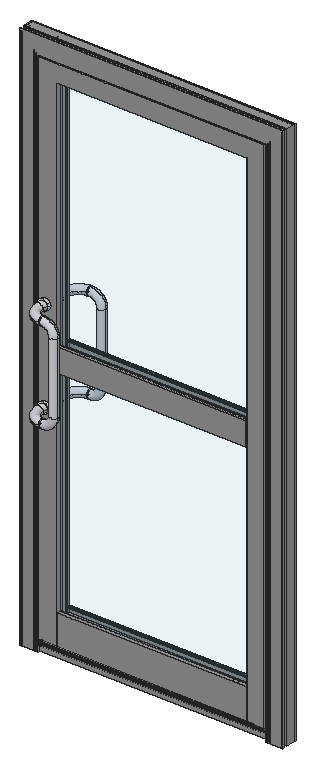
Revit family "Дверь наружного открывания одностворчатая с цоколем", category Двери, Revit 2019
Family settings
  Основа = Стена
  Номер OmniClass = 23.30.20.17.11
  Заголовок OmniClass = Fixed Windows
  Всегда вертикально = Да
  При загрузке вырезать с полостями = Нет
  Общий = Нет
  Точка расчета площади = Нет
Parameters (values of type "V60 Дверь одностворчатая с цоколем")
  Width [instance] = 0.00 mm  # constant formula
  Направление открывания [instance] = Створка дверная наруж с цоколем : Поворотная право
  Монтажный зазор.Верх [instance] = 25.00 mm
  VIDNAL_Ширина проема [instance] = ADSK_Ширина рамы + Монтажный зазор.Правый + Монтажный зазор.Левый  # 1050.00 mm
  VIDNAL_Цвет конструкции = ""
  VIDNAL_Фурнитура [instance] = "САТУРН"
  VIDNAL_Формула стеклопакета [instance] = ""
  VIDNAL_Толщина стеклопакета [instance] = "32"
  VIDNAL_Сопротивление ветровой нагрузке = "1000 Па"
  VIDNAL_Система профилей [instance] = "V60"  # constant formula
  VIDNAL_Площадь изделия [instance] = ADSK_Ширина рамы * ADSK_Высота рамы  # 2.10 m²
  VIDNAL_Звукоизоляция [instance] = "34 дБА"
  VIDNAL_Глубина вставки [instance] = 150.00 mm
  VIDNAL_Высота ручки = 1000.00 mm
  VIDNAL_Высота проема [instance] = ADSK_Высота рамы + Монтажный зазор.Верх  # 2125.00 mm
  Глубина профиля [instance] = 60.00 mm  # constant formula
  Rough Width = 0.00 mm  # constant formula
  Rough Height = 0.00 mm  # constant formula
  Описание = "Окно"
  Обозначение = "ГОСТ 23747-2015"
  Наименование = ""
  Монтажный зазор.Правый [instance] = 25.00 mm
  Монтажный зазор.Левый [instance] = 25.00 mm
  Марка проема [instance] = ""
  Model = ""
  Стекло = АС_Стекло
  Рама = Алюминий
  Type Comments = ""
  Assembly Code = ""
  Wall Closure = (empty or 0)
  Height [instance] = 0.00 mm  # constant formula
  Аналитическая конструкция = "<Нет>"
  VIDNAL_Возухопроницаемость [instance] = "3,09 м²·ч"
  VIDNAL_Водонепроницаемость [instance] = "600"
  VIDNAL_Rприв. профиля со стеклопакетом [instance] = "0.52 (м²·С)/Вт"
  ADSK_Ширина рамы [instance] = 1000.00 mm
  ADSK_Позиция [instance] = ""
  ADSK_Завод-изготовитель [instance] = "VIDNAL"  # constant formula
  ADSK_Высота рамы [instance] = 2100.00 mm
Reference planes
  plane 1 "Глубина профиля": y = -100
  plane 2: z = 0
  plane 3 "Слева": x = -922.6
  plane 4 "Справа": x = 127.4
  plane 5 "низ створки": z = 40
  plane 6 "ВЕРХ": z = 2125
  plane 7 "Внутренняя": y = -190
  plane 8 "Вставка двери": y = -40
  plane 9 "рама лев": x = -897.6
  plane 10 "рама прав": x = 102.4
  plane 11 "рама верх": z = 2100
  plane 12: y = 190
  plane 13 "верх створки": z = 2050
  plane 14 "низ порога": z = 4.5
  plane 15 "р": x = -847.6
  plane 16 "с": x = 52.4
Forms (mm)
  Extrusion 1, void, detail levels medium+fine
    sketch origin (0, 38, 0) x (0, 0, 1) y (-1, 0, 0)
      loop
        line (2125, -127.4) -> (2125, 922.6) -> (0, 922.6) -> (0, -127.4) -> (2125, -127.4)
    from -152 to 228
  Sweep 2, solid, material "Алюминий" <- "Рама"
    path origin (0, -40, 0) x (0, 0, -1) y (-1, 0, 0)
      loop
        line (0, 897.6) -> (-2100, 897.6) -> (-2100, -102.4) -> (0, -102.4)
    profile "Профиль дверной рамы наруж : Профиль дверной рамы наруж" origin (-897.6, -40, 1050) x (1, 0, 0) y (0, 1, 0)
      loop
        line (50.076, -29.7) -> (1.5, -29.7) -> (1.5, -38.4) -> (6.5, -38.4) -> (6.5, -50.15) -> (8.15, -50.15) -> (8.15, -51.75) -> (6.5, -51.75) -> (6.5, -58.5) -> (50.5, -58.5) -> (50.5, -51.75) -> (48.55, -51.75) -> (48.55, -50.15) -> (50.076, -50.15) -> (50.076, -29.7)
      loop
        line (50.076, -10) -> (2, -10) -> (2, -28) -> (50.076, -28) -> (50.076, -10)
      loop
        line (43.25, -1.5) -> (6.75, -1.5) -> (6.75, -8.3) -> (43.25, -8.3) -> (43.25, -1.5)
      loop
        line (52, -10) -> (54, -10) -> (55, -8.3) -> (45, -8.3) -> (45, 0) -> (0, 0) -> (0, -2.5) -> (1.5, -2.5) -> (1.5, -1.5) -> (5, -1.5) -> (5, -8.5) -> (1.5, -8.5) -> (1.5, -7.5) -> (0, -7.5) -> (0, -41.495) -> (2, -41.495) -> (2, -40) -> (5, -40) -> (5, -58.25) -> (2, -58.25) -> (2, -56.495) -> (0, -56.495) -> (0, -60) -> (67, -60) -> (67, -55.8) -> (65, -55.8) -> (65, -56.8) -> (66, -56.8) -> (66, -58.8) -> (61, -58.8) -> (61, -56.8) -> (62, -56.8) -> (62, -55.8) -> (60, -55.8) -> (60, -58.5) -> (52, -58.5) -> (52, -10)
  Sweep 3, solid, material "Алюминий"
    path origin (0, -40, 0) x (0, 0, -1) y (-1, 0, 0)
      loop
        line (-4.5, 845.6) -> (-4.5, -50.4)
    profile "Профиль порога : Профиль порога" origin (-397.6, -40, 4.5) x (0, 0, -1) y (0, 1, 0)
      loop
        line (-19.126, -22.61) -> (-16.126, -24.79) -> (-16.126, -26.25) -> (-14.177, -26.25) -> (-13.323, -26.73) -> (-12.385, -28.27) -> (-11.531, -28.75) -> (-9.469, -28.75) -> (-8.615, -28.27) -> (-7.677, -26.73) -> (-6.823, -26.25) -> (-4.874, -26.25) -> (-4.874, -24.79) -> (-1.874, -22.61) -> (-1.874, -16.89) -> (-4.874, -14.71) -> (-4.874, -13.25) -> (-6.823, -13.25) -> (-7.677, -12.77) -> (-8.615, -11.23) -> (-9.469, -10.75) -> (-11.531, -10.75) -> (-12.385, -11.23) -> (-13.323, -12.77) -> (-14.177, -13.25) -> (-16.126, -13.25) -> (-16.126, -14.71) -> (-19.126, -16.89) -> (-19.126, -22.61)
      loop
        line (-19.25, -42.057) -> (-19.25, -52.75) -> (-1.75, -52.75) -> (-1.75, -42.057)
        arc (-1.75, -42.057) -> (-4.892, -42.649) -> (-7.464, -40.75) r 4
        line (-7.464, -40.75) -> (-5.862, -39.825)
        arc (-5.862, -39.825) -> (-1.85, -38.75) -> (-5.862, -37.675) r 2.15
        line (-5.862, -37.675) -> (-7.464, -36.75) -> (-7.464, -35.25) -> (-5.862, -34.325)
        arc (-5.862, -34.325) -> (-1.85, -33.25) -> (-5.862, -32.175) r 2.15
        line (-5.862, -32.175) -> (-7.537, -30.5) -> (-13.463, -30.5) -> (-15.138, -32.175)
        arc (-15.138, -32.175) -> (-19.15, -33.25) -> (-15.138, -34.325) r 2.15
        line (-15.138, -34.325) -> (-13.536, -35.25) -> (-13.536, -36.75) -> (-15.138, -37.675)
        arc (-15.138, -37.675) -> (-19.15, -38.75) -> (-15.138, -39.825) r 2.15
        line (-15.138, -39.825) -> (-13.536, -40.75)
        arc (-13.536, -40.75) -> (-16.108, -42.649) -> (-19.25, -42.057) r 4
      loop
        line (-21, -54.5) -> (0, -54.5) -> (0, -9) -> (-21, -9) -> (-21, -54.5)
  Sweep 4, solid, material "Алюминий"
    path origin (0, -40, 0) x (0, 0, -1) y (-1, 0, 0)
      loop
        line (-40, 825.6) -> (-40, -30.4)
    profile "Профили притвора V60 287 : Профили притвора V60 287" origin (-397.6, -40, 40) x (0, 0, -1) y (0, 1, 0)
      loop
        line (1.75, -30.55) -> (0, -30.55) -> (0, -60) -> (2, -60) -> (2, -56) -> (8.5, -56) -> (8.5, -54.6) -> (1.75, -54.6) -> (1.75, -51.3) -> (8.5, -51.3) -> (8.5, -49.9) -> (1.75, -49.9) -> (1.75, -30.55)
  Sweep 5, solid, material "Алюминий"
    path origin (0, -40, 0) x (0, 0, -1) y (-1, 0, 0)
      loop
        line (-40, 847.6) -> (-40, -52.4)
    profile "Профили притвора V60 187 : Профили притвора V60 187" origin (-397.6, -40, 40) x (0, 0, -1) y (0, 1, 0)
      loop
        line (0, 0) -> (0, -11.2) -> (1.75, -11.2) -> (3.078, -1.75) -> (12.5, -1.75) -> (12.5, -5) -> (14.7, -5) -> (14.7, -4) -> (13.7, -4) -> (13.7, -1.75) -> (18.7, -1.75) -> (18.7, -4) -> (17.7, -4) -> (17.7, -5) -> (20, -5) -> (20, 0) -> (0, 0)
Lines and regions (mm)
  symbolic lines, detail levels fine
    curve 1: line (-163.1, -40, 40) -> (-163.1, -100, 40)
    curve 3: line (-163.1, -100, 80) -> (-163.1, -40, 80)
    curve 5: line (-163.1, -40, 2125) -> (-163.1, -100, 2125)
    curve 7: line (-163.1, -100, 2100) -> (-163.1, -40, 2100)
  symbolic lines
    curve 2: line (-163.1, -40, 80) -> (-163.1, -40, 40)
    curve 4: line (-163.1, -100, 40) -> (-163.1, -100, 80)
    curve 6: line (-163.1, -40, 2100) -> (-163.1, -40, 2125)
    curve 8: line (-163.1, -100, 2125) -> (-163.1, -100, 2100)
  symbolic lines, detail levels coarse
    curve 9: line (127.4, -40, 2125) -> (127.4, -40, 40)
    curve 10: line (127.4, -100, 2125) -> (127.4, -100, 40)
Text (mm)
  text "Наружный" at (-2011.448, 646.123, 0), in view "Линия этажа"
  text "Внутренний" at (-2011.448, -562.523, 0), in view "Линия этажа"
  text "Наружный" at (0, 1108.87, 3415.022), in view "Слева"
  text "Наружный" at (0, 464.664, 3176.206), in view "Справа"
Dimensions and locks
  plane 3 "Слева" to plane 4 "Справа" = 1050.00 mm
  "Монтажный зазор.Правый": plane 10 "рама прав" to plane 4 "Справа"
  plane 5 "низ створки" to plane 5 "низ створки" = 0.00 mm
  "ADSK_Ширина рамы": plane 9 "рама лев" to plane 10 "рама прав"
  "Монтажный зазор.Левый": plane 3 "Слева" to plane 9 "рама лев"
  "Монтажный зазор.Верх": plane 11 "рама верх" to plane 6 "ВЕРХ"
  "VIDNAL_Глубина вставки": plane 8 "Вставка двери" to plane 7 "Внутренняя"
  "Глубина профиля": plane 8 "Вставка двери" to plane 1 "Глубина профиля"
  plane 9 "рама лев" to plane 15 "р" = 50.00 mm
  plane 16 "с" to plane 10 "рама прав" = 50.00 mm
  plane 11 "рама верх" to plane 13 "верх створки" = 50.00 mm
  locked: plane 14 "низ порога" to plane 2 at 4.5
  locked: plane 8 "Вставка двери" to Sweep 3 at 9
  locked: plane 5 "низ створки" to plane 2 at 40
  "ADSK_Высота рамы": plane 11 "рама верх" to plane 2
  aligned and locked: plane 7 "Внутренняя" to host wall
  aligned and locked: plane 8 "Вставка двери" to curve 6
  aligned and locked: level to plane 2
  aligned and locked: host wall to Extrusion 1  (x2)
  aligned and locked: plane 4 "Справа" to Extrusion 1 sketch curve
  aligned and locked: nested 1 to plane 8 "Вставка двери"
  aligned and locked: plane 15 "р" to nested 1
  aligned and locked: plane 16 "с" to nested 1
  aligned and locked: nested 1 to plane 13 "верх створки"
  aligned and locked: nested 1 to plane 5 "низ створки"
Automatic sketch dimensions
  Extrusion 1 sketch curve to level = 0.00 mm
  plane 3 "Слева" to Extrusion 1 sketch curve = 0.00 mm
  Extrusion 1 sketch curve to plane 6 "ВЕРХ" = 0.00 mm
  curve 6 to plane 8 "Вставка двери" = 0.00 mm
  plane 5 "низ створки" to curve 9 = 0.00 mm
  curve 9 to plane 8 "Вставка двери" = 0.00 mm
  curve 10 to plane 1 "Глубина профиля" = 0.00 mm
  plane 5 "низ створки" to curve 10 = 0.00 mm
  plane 6 "ВЕРХ" to curve 10 = 0.00 mm
  plane 6 "ВЕРХ" to curve 9 = 0.00 mm
  curve 3 to plane 5 "низ створки" = 40.00 mm
  plane 5 "низ створки" to curve 1 = 0.00 mm
  curve 1 to plane 1 "Глубина профиля" = 0.00 mm
  curve 8 to plane 1 "Глубина профиля" = 0.00 mm
  curve 2 to plane 8 "Вставка двери" = 0.00 mm
  curve 8 to plane 11 "рама верх" = 0.00 mm
  plane 6 "ВЕРХ" to curve 5 = 0.00 mm
  Sweep 2 sketch curve to plane 9 "рама лев" = 0.00 mm
  plane 10 "рама прав" to Sweep 2 sketch curve = 0.00 mm
  Sweep 2 sketch curve to plane 11 "рама верх" = 0.00 mm
  Sweep 2 sketch curve to level = 0.00 mm  (x2)
  Sweep 3 sketch curve to plane 14 "низ порога" = 0.00 mm
  plane 16 "с" to Sweep 3 sketch curve = 2.00 mm
  plane 15 "р" to Sweep 3 sketch curve = 2.00 mm
  Sweep 4 sketch curve to plane 5 "низ створки" = 0.00 mm
  plane 16 "с" to Sweep 4 sketch curve = 22.00 mm
  plane 15 "р" to Sweep 4 sketch curve = 22.00 mm
  Sweep 5 sketch curve to plane 5 "низ створки" = 0.00 mm
  plane 16 "с" to Sweep 5 sketch curve = 0.00 mm
  plane 15 "р" to Sweep 5 sketch curve = 0.00 mm
Nested families
  nested 1: "Створка дверная наруж с цоколем" at (-847.6, -40, 40), type <- "Направление открывания", type "Поворотная право"
    with Створка.Ширина 900.00 mm, Створка.Высота 2010.00 mm, Высота импоста 980.00 mm, VIDNAL_Высота ручки 980.00 mm
Definition of nested family "Створка дверная наруж с цоколем"
  Parameters (values of type "Поворотная лево")
    отк лев = yes
    от пр = no
    Стекло = none
    Створка.Ширина [instance] = 800.00 mm
    Створка.Высота [instance] = 1800.00 mm
    Створка VIDNAL = none
    Ручка.Справа = yes
    Ручка.Слева = no
    Открытие = yes
    Габариты заполнения = 73.00 mm
    Высота импоста [instance] = 900.00 mm
    Analytic Construction = "<Нет>"
    VIDNAL_Высота ручки [instance] = 1000.00 mm
  Types (2, lengths in mm): name | отк лев | от пр | Створка.Ширина | Створка.Высота | Ручка.Справа | Ручка.Слева | Габариты заполнения | Высота импоста | VIDNAL_Высота ручки
    Поворотная право | no | yes | 600.00 | 900.00 | no | yes | 54.00 | 450.00 | 900.00
    Поворотная лево | yes | no | 800.00 | 1800.00 | yes | no | 73.00 | 900.00 | 1000.00
  Reference planes
    plane 1 "Center (Front/Back)": y = 0
    plane 2 "Bottom": z = 0
    plane 3 "Left": x = 0
    plane 4 "Right": x = 800
    plane 5 "Top": z = 1800
    plane 6: z = 900
    plane 7: x = 73
    plane 8: x = 727
    plane 9: y = -8
    plane 10: y = -40
    plane 11: z = 1727
    plane 12: z = 73
    plane 13 "ручка прав": x = 754
    plane 14 "ручка лев": x = 46
    plane 15: z = 1000
    plane 16: x = 89
    plane 17: x = 711
  Forms (mm)
    Extrusion 1, solid, material <- "Стекло"
      sketch origin (0, 0, -100) x (1, 0, 0) y (0, 0, 1)
        loop
          line (73, 173) -> (727, 173) -> (727, 1827) -> (73, 1827) -> (73, 173)
      from 40 to 8
    Sweep 2, solid
      path origin (0, 0, 0) x (1, 0, 0) y (0, 0, 1)
        loop
          line (0, 0) -> (0, 1800) -> (800, 1800) -> (800, 0)
      profile "Профиль дверной створки наруж : Профиль дверной створки наруж" origin (400, 0, 1800) x (0, 0, 1) y (0, -1, 0)
        loop
          line (-62, 43.002) -> (-62, 54.797) -> (-68.701, 54.797) -> (-68.701, 58.599) -> (-87.61, 58.599) -> (-87.61, 48.594) -> (-82, 48.594) -> (-71.911, 43.002) -> (-62, 43.002)
        loop
          line (-16.874, 29.7) -> (-16.874, 50.15) -> (-25.15, 50.15) -> (-25.15, 51.75) -> (-23.5, 51.75) -> (-23.5, 58.5) -> (-60.5, 58.5) -> (-60.5, 51.75) -> (-58.85, 51.75) -> (-58.85, 50.15) -> (-60.25, 50.15) -> (-60.25, 38.4) -> (-65.5, 38.4) -> (-65.5, 29.7) -> (-16.874, 29.7)
        loop
          line (-16.874, 10) -> (-16.874, 28) -> (-65.126, 28) -> (-65.126, 10) -> (-16.874, 10)
        loop
          line (-23.75, 1.5) -> (-23.75, 8.3) -> (-60.25, 8.3) -> (-60.25, 1.5) -> (-23.75, 1.5)
        loop
          line (-2, 4.2) -> (-2, 3.2) -> (-1, 3.2) -> (-1, 1.2) -> (-6, 1.2) -> (-6, 3.2) -> (-5, 3.2) -> (-5, 4.2) -> (-7, 4.2) -> (-7, 1.5) -> (-22, 1.5) -> (-22, 8.3) -> (-15, 8.3) -> (-15, 50) -> (-12, 50) -> (-12, 51.75) -> (-22, 51.75) -> (-22, 60) -> (-89, 60) -> (-89, 44.192) -> (-87, 44.192) -> (-87, 45.192) -> (-88, 45.192) -> (-88, 47.193) -> (-83, 47.193) -> (-83, 45.192) -> (-84, 45.192) -> (-84, 44.192) -> (-82, 44.192) -> (-82, 47.202) -> (-72.326, 41.591) -> (-67, 41.591) -> (-67, 8.3) -> (-62, 8.3) -> (-62, 1.5) -> (-82, 1.5) -> (-82, 3.2) -> (-80.5, 3.2) -> (-80.5, 4.2) -> (-84, 4.2) -> (-84, 3.2) -> (-83, 3.2) -> (-83, 1.2) -> (-88, 1.2) -> (-88, 3.2) -> (-87, 3.2) -> (-87, 4.2) -> (-89, 4.2) -> (-89, 0) -> (0, 0) -> (0, 4.2) -> (-2, 4.2)
    Sweep 3, solid
      path origin (0, 0, 0) x (1, 0, 0) y (0, 0, 1)
        loop
          line (90, 900) -> (710, 900)
      profile "Профиль дверного импоста : Профиль дверного импоста" origin (400, 0, 900) x (0, 0, 1) y (0, -1, 0)
        loop
          line (15.25, 8) -> (-15.25, 8) -> (-15.25, 1.5) -> (15.25, 1.5) -> (15.25, 8)
        loop
          line (20.076, 28) -> (-20.076, 28) -> (-20.076, 10) -> (20.076, 10) -> (20.076, 28)
        loop
          line (15.4, 38.4) -> (15.4, 58.1) -> (-15.4, 58.1) -> (-15.4, 38.4) -> (-20.5, 38.4) -> (-20.5, 29.7) -> (20.5, 29.7) -> (20.5, 38.4) -> (15.4, 38.4)
        loop
          line (-23.69, 58.599) -> (-42.599, 58.599) -> (-42.599, 48.594) -> (-36.996, 48.594) -> (-26.991, 42.791) -> (-16.989, 42.791) -> (-16.989, 54.797) -> (-23.69, 54.797) -> (-23.69, 58.599)
        loop
          line (42.599, 58.599) -> (23.69, 58.599) -> (23.69, 54.797) -> (16.989, 54.797) -> (16.989, 42.791) -> (26.991, 42.791) -> (36.996, 48.594) -> (42.599, 48.594) -> (42.599, 58.599)
        loop
          line (44, 0) -> (44, 4.2) -> (42, 4.2) -> (42, 3.2) -> (43, 3.2) -> (43, 1.2) -> (38, 1.2) -> (38, 3.2) -> (39, 3.2) -> (39, 4.2) -> (35.5, 4.2) -> (35.5, 3.2) -> (37, 3.2) -> (37, 1.5) -> (17, 1.5) -> (17, 8.3) -> (22, 8.3) -> (22, 41.591) -> (27.314, 41.591) -> (36.996, 47.206) -> (36.996, 44.192) -> (38.997, 44.192) -> (38.997, 45.192) -> (37.997, 45.192) -> (37.997, 47.193) -> (42.999, 47.193) -> (42.999, 45.192) -> (41.999, 45.192) -> (41.999, 44.192) -> (44, 44.192) -> (44, 60) -> (-44, 60) -> (-44, 44.192) -> (-41.999, 44.192) -> (-41.999, 45.192) -> (-42.999, 45.192) -> (-42.999, 47.193) -> (-37.997, 47.193) -> (-37.997, 45.192) -> (-38.997, 45.192) -> (-38.997, 44.192) -> (-36.996, 44.192) -> (-36.996, 47.206) -> (-27.314, 41.591) -> (-22, 41.591) -> (-22, 8.3) -> (-17, 8.3) -> (-17, 1.5) -> (-37, 1.5) -> (-37, 3.2) -> (-35.5, 3.2) -> (-35.5, 4.2) -> (-39, 4.2) -> (-39, 3.2) -> (-38, 3.2) -> (-38, 1.2) -> (-43, 1.2) -> (-43, 3.2) -> (-42, 3.2) -> (-42, 4.2) -> (-44, 4.2) -> (-44, 0) -> (44, 0)
    Sweep 4, solid
      path origin (0, 0, 0) x (1, 0, 0) y (0, 0, 1)
        loop
          line (89, 0) -> (711, 0)
      profile "Профиль цоколя + проставки : Профиль цоколя + проставки" origin (400, 0, 0) x (0, 0, 1) y (0, -1, 0)
        loop
          line (87.676, 10) -> (96.126, 16.14) -> (96.126, 21.86) -> (87.676, 28) -> (15.324, 28) -> (6.874, 21.86) -> (6.874, 16.14) -> (15.324, 10) -> (87.676, 10)
        loop
          line (91.25, 1.75) -> (91.25, 8.25) -> (50, 8.25) -> (50, 1.75) -> (91.25, 1.75)
        loop
          line (6.75, 1.75) -> (48, 1.75) -> (48, 8.25) -> (6.75, 8.25) -> (6.75, 1.75)
        loop
          line (96, 29.75) -> (96, 38.25) -> (91.25, 38.25) -> (91.25, 58.25) -> (6.75, 58.25) -> (6.75, 29.75) -> (96, 29.75)
        loop
          line (118.599, 58.599) -> (99.69, 58.599) -> (99.69, 54.797) -> (92.989, 54.797) -> (92.989, 42.791) -> (102.991, 42.791) -> (112.996, 48.594) -> (118.599, 48.594) -> (118.599, 58.599)
        loop
          line (119, 3.2) -> (119, 1.2) -> (114, 1.2) -> (114, 3.2) -> (115, 3.2) -> (115, 4.2) -> (111.5, 4.2) -> (111.5, 3.2) -> (113, 3.2) -> (113, 1.5) -> (93, 1.5) -> (93, 8.25) -> (98, 8.25) -> (98, 41.591) -> (103.314, 41.591) -> (112.996, 47.206) -> (112.996, 44.192) -> (114.997, 44.192) -> (114.997, 45.192) -> (113.997, 45.192) -> (113.997, 47.193) -> (118.999, 47.193) -> (118.999, 45.192) -> (117.999, 45.192) -> (117.999, 44.192) -> (120, 44.192) -> (120, 60) -> (0, 60) -> (0, 54.5) -> (2, 54.5) -> (2, 58.25) -> (5, 58.25) -> (5, 40) -> (2, 40) -> (2, 41.495) -> (0, 41.495) -> (0, 38.25) -> (5, 38.25) -> (5, 32) -> (0, 32) -> (0, 30.5) -> (5, 30.5) -> (5, 10) -> (1.5, 10) -> (1.5, 11.2) -> (0, 11.2) -> (0, 8.5) -> (5, 8.5) -> (5, 1.5) -> (0, 1.5) -> (0, 0) -> (120, 0) -> (120, 4.2) -> (118, 4.2) -> (118, 3.2) -> (119, 3.2)
  Lines and regions (mm)
    symbolic lines, not visible
      curve 1: line (400, 0, 950) -> (400, 0, 850)
      curve 2: line (350, 0, 900) -> (450, 0, 900)
    symbolic lines, visible <- "от пр"
      curve 3: line (710, -75, 1710) -> (90, -75, 900)
      curve 4: line (90, -75, 900) -> (710, -75, 90)
    symbolic lines, visible <- "отк лев"
      curve 5: line (90, -75, 90) -> (710, -75, 900)
      curve 6: line (710, -75, 900) -> (90, -75, 1710)
  Dimensions and locks
    "Створка.Ширина": plane 4 "Right" to plane 3 "Left"
    "Створка.Высота": plane 5 "Top" to plane 2 "Bottom"
    equal spacing: plane 3 "Left", curve 1, plane 4 "Right"
    equal spacing: plane 5 "Top", curve 2, plane 2 "Bottom"
    locked: plane 9 to plane 1 "Center (Front/Back)" at 8
    "Габариты заполнения": plane 3 "Left" to plane 7
    "Габариты заполнения": plane 8 to plane 4 "Right"
    "Габариты заполнения": plane 12 to plane 2 "Bottom"
    "Габариты заполнения": plane 5 "Top" to plane 11
    plane 14 "ручка лев" to plane 3 "Left" = 46.00 mm
    plane 13 "ручка прав" to plane 4 "Right" = 46.00 mm
    "Высота импоста": plane 6 to plane 2 "Bottom"
    locked: plane 3 "Left" to plane 14 "ручка лев" at 46
    "VIDNAL_Высота ручки": plane 15 to plane 2 "Bottom"
    plane 3 "Left" to plane 16 = 89.00 mm
    plane 17 to plane 4 "Right" = 89.00 mm
    locked: plane 13 "ручка прав" to plane 4 "Right" at 46
    aligned and locked: level to plane 2 "Bottom"
    aligned and locked: plane 6 to curve 4
    aligned and locked: plane 6 to curve 6
    aligned and locked: Extrusion 1 to plane 7
    aligned and locked: Extrusion 1 to plane 9
    aligned and locked: Extrusion 1 to plane 10
    aligned and locked: plane 8 to Extrusion 1
    aligned and locked: Extrusion 1 to plane 12
    aligned and locked: plane 11 to Extrusion 1
    aligned and locked: nested 1 to plane 14 "ручка лев"
    aligned and locked: nested 1 to plane 15
    aligned and locked: plane 15 to nested 2
    aligned and locked: Sweep 2 to plane 1 "Center (Front/Back)"
    aligned and locked: plane 13 "ручка прав" to nested 2
    aligned and locked: plane 14 "ручка лев" to nested 3
    aligned and locked: nested 4 to plane 13 "ручка прав"
    aligned and locked: plane 15 to nested 3
    aligned and locked: nested 4 to plane 15
  Automatic sketch dimensions
    plane 7 to Extrusion 1 sketch curve = 0.00 mm
    Extrusion 1 sketch curve to plane 8 = 0.00 mm
    Extrusion 1 sketch curve to plane 12 = 0.00 mm
    Extrusion 1 sketch curve to plane 11 = 0.00 mm
    plane 7 to curve 6 = 17.00 mm
    plane 7 to curve 5 = 17.00 mm
    plane 7 to curve 4 = 17.00 mm
    curve 5 to plane 8 = 17.00 mm
    curve 3 to plane 8 = 17.00 mm
    plane 12 to curve 5 = 17.00 mm
    plane 12 to curve 4 = 17.00 mm
    curve 3 to plane 11 = 17.00 mm
    curve 4 to plane 8 = 17.00 mm
    curve 6 to plane 11 = 17.00 mm
    Sweep 2 sketch curve to plane 5 "Top" = 0.00 mm
    curve 1 to plane 6 = 50.00 mm
    plane 6 to curve 1 = 50.00 mm
    curve 2 to plane 6 = 0.00 mm
    curve 2 to curve 1 = 50.00 mm
    curve 1 to curve 2 = 50.00 mm
    Sweep 3 sketch curve to plane 6 = 0.00 mm
    plane 16 to Sweep 3 sketch curve = 1.00 mm
    Sweep 3 sketch curve to plane 17 = 1.00 mm
    Sweep 2 sketch curve to plane 3 "Left" = 0.00 mm
    plane 4 "Right" to Sweep 2 sketch curve = 0.00 mm
    Sweep 2 sketch curve to level = 0.00 mm  (x2)
    Sweep 4 sketch curve to level = 0.00 mm
    Sweep 4 sketch curve to plane 16 = 0.00 mm
    Sweep 4 sketch curve to plane 17 = 0.00 mm
  Nested families
    nested 1: "Ручка дверная прямоугольная" at (46, -70, 889.834), visible <- "Ручка.Слева", type "Ручка дверная прямоугольная"
      with Ручка высота установки 110.166 mm
    nested 2: "Ручка дверная прямоугольная" at (754, -70, 889.834) x (-1, 0, 0) z (0, 0, 1), visible <- "Ручка.Справа", type "Ручка дверная прямоугольная"
      with Ручка высота установки 110.166 mm
    nested 3: "Ручка дверная прямоугольная" at (46, 10, 889.834), visible <- "Ручка.Слева", type "Ручка дверная прямоугольная"
      with Ручка высота установки 110.166 mm
    nested 4: "Ручка дверная прямоугольная" at (754, 10, 889.834) x (-1, 0, 0) z (0, 0, 1), visible <- "Ручка.Справа", type "Ручка дверная прямоугольная"
      with Ручка высота установки 110.166 mm
  Definition of nested family "Ручка дверная прямоугольная"
    Parameters (values of type "Ручка дверная прямоугольная")
      Ручка высота установки [instance] = 110.166 mm
    Reference planes
      plane 1 "По центру (Вперед/Назад)": y = 0
      plane 2: z = 0
      plane 3 "По центру (Влево/Вправо)": x = 0
      plane 4: y = -10
      plane 5 "1": x = 55
      plane 6 "2": y = 74
      plane 7 "Высота ручки": z = 110.166
    Forms (mm)
      Extrusion 1, solid
        sketch origin (0, 0, 0) x (1, 0, 0) y (0, 0, 1)
          loop
            circle (0, 285.166) r 20
        from 0 to 10
      Extrusion 2, solid
        sketch origin (0, 0, 0) x (1, 0, 0) y (0, 0, 1)
          loop
            circle (0, -64.834) r 20
        from 0 to 10
      Sweep 3, solid
        path origin (0, 0, 0) x (1, 0, 0) y (0, 1, 0)
          loop
            line (0, 0) -> (0, 20)
            arc (0, 20) -> (15.816, 58.184) -> (54, 74) r 54
            line (54, 74) -> (55, 74)
        profile origin (0, 10, 0) x (-1, 0, 0) y (0, 0, 1)
          loop
            circle (0, 285.166) r 15
          loop
            circle (0, -64.834) r 15
      Sweep 4, solid
        path origin (0, 74, 0) x (-1, 0, 0) y (0, 0, 1)
          loop
            line (-55, 285.166) -> (-60, 285.166)
            arc (-60, 285.166) -> (-88.284, 273.45) -> (-100, 245.166) r 40
            line (-100, 245.166) -> (-100, -24.834)
            arc (-100, -24.834) -> (-88.284, -53.118) -> (-60, -64.834) r 40
            line (-60, -64.834) -> (-55, -64.834)
        profile origin (57.5, 74, 285.166) x (0, 0, -1) y (0, 1, 0)
          loop
            circle (0, 0) r 15
    Dimensions and locks
      plane 1 "По центру (Вперед/Назад)" to plane 4 = 10.00 mm
      locked: plane 4 to plane 6 "2" at 84
      locked: plane 3 "По центру (Влево/Вправо)" to plane 5 "1" at 55
      locked: Extrusion 1 sketch curve to plane 7 "Высота ручки" at 175
      locked: plane 7 "Высота ручки" to Extrusion 2 sketch curve at 175
      locked: Sweep 3 sketch curve to plane 7 "Высота ручки" at 175
      locked: plane 7 "Высота ручки" to Sweep 3 sketch curve at 175
      "Ручка высота установки": plane 7 "Высота ручки" to level
      locked: Sweep 4 sketch curve to Sweep 4 sketch curve at 350
      locked: Sweep 4 sketch curve to Sweep 4 sketch curve at 45  (x2)
      Sweep 4 sketch curve to plane 7 "Высота ручки" = 175.00 mm
      locked: Sweep 4 sketch curve to plane 3 "По центру (Влево/Вправо)" at 100
      aligned and locked: level to plane 2
      aligned and locked: plane 4 to Extrusion 1
      aligned and locked: plane 4 to Extrusion 2
    Automatic sketch dimensions
      Extrusion 1 sketch curve to plane 3 "По центру (Влево/Вправо)" = 0.00 mm
      Extrusion 2 sketch curve to plane 3 "По центру (Влево/Вправо)" = 0.00 mm
      Sweep 3 sketch curve to plane 3 "По центру (Влево/Вправо)" = 0.00 mm
      Sweep 3 sketch curve to plane 6 "2" = 0.00 mm
      Sweep 3 sketch curve to plane 5 "1" = 0.00 mm
      plane 1 "По центру (Вперед/Назад)" to Sweep 3 sketch curve = 0.00 mm
      Sweep 3 sketch curve to plane 5 "1" = 1.00 mm
      Sweep 3 sketch curve to profile plane = 0.00 mm  (x2)
      Sweep 4 sketch curve to plane 6 "2" = 0.00 mm
      Sweep 4 sketch curve to profile plane = 0.00 mm
      plane 5 "1" to Sweep 4 sketch curve = 5.00 mm  (x2)
      radius of Extrusion 1 sketch curve = 20.00 mm
      radius of Extrusion 2 sketch curve = 20.00 mm
      radius of Sweep 3 sketch curve = 15.00 mm  (x2)
      radius of Sweep 4 sketch curve = 15.00 mm
